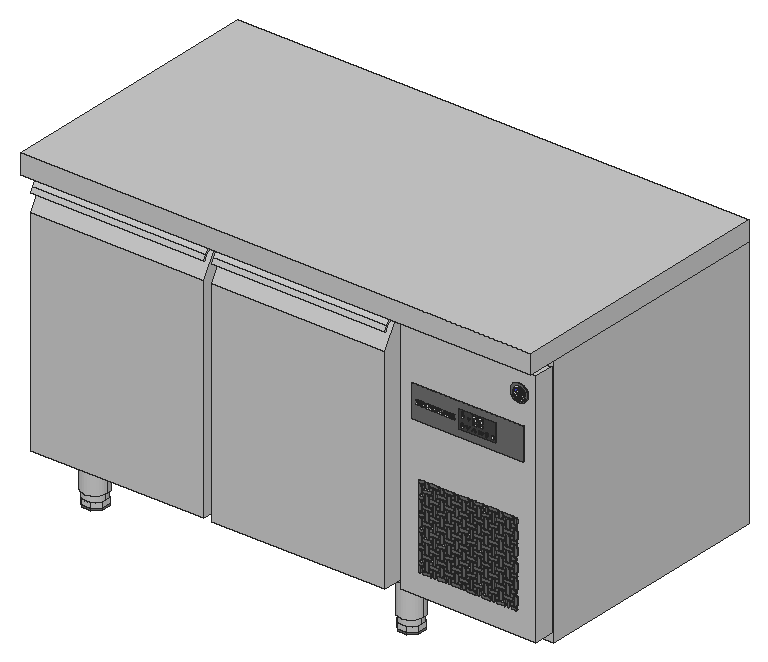
Revit family "QF_HOSHIZAKI_889000822", category Specialty Equipment, Revit 2016 (continued)
Definition of nested family "QF_HOSHIZAKI_889000822_230V_1Ph_50Hz"
  Definition of nested family "Control-panel"
    Forms (mm)
      Extrusion 1, solid
        sketch origin (-3653, 19.5, -135) x (-1, 0, 0) y (0, 0, 1)
          loop
            arc (-3941, 312.486) -> (-3944.5, 308.986) -> (-3941, 305.486) r 3.5
            line (-3941, 305.486) -> (-3923, 305.486)
            arc (-3923, 305.486) -> (-3919.5, 308.986) -> (-3923, 312.486) r 3.5
            line (-3923, 312.486) -> (-3941, 312.486)
          loop
            arc (-3903, 312.486) -> (-3906.5, 308.986) -> (-3903, 305.486) r 3.5
            line (-3903, 305.486) -> (-3885, 305.486)
            arc (-3885, 305.486) -> (-3881.5, 308.986) -> (-3885, 312.486) r 3.5
            line (-3885, 312.486) -> (-3903, 312.486)
          loop
            arc (-3865, 312.486) -> (-3868.5, 308.986) -> (-3865, 305.486) r 3.5
            line (-3865, 305.486) -> (-3847, 305.486)
            arc (-3847, 305.486) -> (-3843.5, 308.986) -> (-3847, 312.486) r 3.5
            line (-3847, 312.486) -> (-3865, 312.486)
          loop
            arc (-3827, 312.486) -> (-3830.5, 308.986) -> (-3827, 305.486) r 3.5
            line (-3827, 305.486) -> (-3809, 305.486)
            arc (-3809, 305.486) -> (-3805.5, 308.986) -> (-3809, 312.486) r 3.5
            line (-3809, 312.486) -> (-3827, 312.486)
          loop
            arc (-3789, 312.486) -> (-3792.5, 308.986) -> (-3789, 305.486) r 3.5
            line (-3789, 305.486) -> (-3771, 305.486)
            arc (-3771, 305.486) -> (-3767.5, 308.986) -> (-3771, 312.486) r 3.5
            line (-3771, 312.486) -> (-3789, 312.486)
          loop
            arc (-3751, 312.486) -> (-3754.5, 308.986) -> (-3751, 305.486) r 3.5
            line (-3751, 305.486) -> (-3733, 305.486)
            arc (-3733, 305.486) -> (-3729.5, 308.986) -> (-3733, 312.486) r 3.5
            line (-3733, 312.486) -> (-3751, 312.486)
          loop
            arc (-3713, 312.486) -> (-3716.5, 308.986) -> (-3713, 305.486) r 3.5
            line (-3713, 305.486) -> (-3704, 305.486)
            arc (-3704, 305.486) -> (-3700.5, 308.986) -> (-3704, 312.486) r 3.5
            line (-3704, 312.486) -> (-3713, 312.486)
          loop
            line (-3938.025, 302.996) -> (-3945.025, 302.996) -> (-3945.025, 295.996) -> (-3938.025, 295.996) -> (-3938.025, 302.996)
          loop
            line (-3919.025, 302.996) -> (-3926.025, 302.996) -> (-3926.025, 295.996) -> (-3919.025, 295.996) -> (-3919.025, 302.996)
          loop
            line (-3900.025, 302.996) -> (-3907.025, 302.996) -> (-3907.025, 295.996) -> (-3900.025, 295.996) -> (-3900.025, 302.996)
          loop
            line (-3881.025, 302.996) -> (-3888.025, 302.996) -> (-3888.025, 295.996) -> (-3881.025, 295.996) -> (-3881.025, 302.996)
          loop
            line (-3862.025, 302.996) -> (-3869.025, 302.996) -> (-3869.025, 295.996) -> (-3862.025, 295.996) -> (-3862.025, 302.996)
          loop
            line (-3843.025, 302.996) -> (-3850.025, 302.996) -> (-3850.025, 295.996) -> (-3843.025, 295.996) -> (-3843.025, 302.996)
          loop
            line (-3824.025, 302.996) -> (-3831.025, 302.996) -> (-3831.025, 295.996) -> (-3824.025, 295.996) -> (-3824.025, 302.996)
          loop
            line (-3805.025, 302.996) -> (-3812.025, 302.996) -> (-3812.025, 295.996) -> (-3805.025, 295.996) -> (-3805.025, 302.996)
          loop
            line (-3786.025, 302.996) -> (-3793.025, 302.996) -> (-3793.025, 295.996) -> (-3786.025, 295.996) -> (-3786.025, 302.996)
          loop
            line (-3767.025, 302.996) -> (-3774.025, 302.996) -> (-3774.025, 295.996) -> (-3767.025, 295.996) -> (-3767.025, 302.996)
          loop
            line (-3748.025, 302.996) -> (-3755.025, 302.996) -> (-3755.025, 295.996) -> (-3748.025, 295.996) -> (-3748.025, 302.996)
          loop
            line (-3729.025, 302.996) -> (-3736.025, 302.996) -> (-3736.025, 295.996) -> (-3729.025, 295.996) -> (-3729.025, 302.996)
          loop
            line (-3710.025, 302.996) -> (-3717.025, 302.996) -> (-3717.025, 295.996) -> (-3710.025, 295.996) -> (-3710.025, 302.996)
          loop
            line (-3935.5, 298.986) -> (-3935.5, 280.986)
            arc (-3935.5, 280.986) -> (-3932, 277.486) -> (-3928.5, 280.986) r 3.5
            line (-3928.5, 280.986) -> (-3928.5, 298.986)
            arc (-3928.5, 298.986) -> (-3932, 302.486) -> (-3935.5, 298.986) r 3.5
          loop
            line (-3897.5, 298.986) -> (-3897.5, 280.986)
            arc (-3897.5, 280.986) -> (-3894, 277.486) -> (-3890.5, 280.986) r 3.5
            line (-3890.5, 280.986) -> (-3890.5, 298.986)
            arc (-3890.5, 298.986) -> (-3894, 302.486) -> (-3897.5, 298.986) r 3.5
          loop
            line (-3859.5, 298.986) -> (-3859.5, 280.986)
            arc (-3859.5, 280.986) -> (-3856, 277.486) -> (-3852.5, 280.986) r 3.5
            line (-3852.5, 280.986) -> (-3852.5, 298.986)
            arc (-3852.5, 298.986) -> (-3856, 302.486) -> (-3859.5, 298.986) r 3.5
          loop
            line (-3821.5, 298.986) -> (-3821.5, 280.986)
            arc (-3821.5, 280.986) -> (-3818, 277.486) -> (-3814.5, 280.986) r 3.5
            line (-3814.5, 280.986) -> (-3814.5, 298.986)
            arc (-3814.5, 298.986) -> (-3818, 302.486) -> (-3821.5, 298.986) r 3.5
          loop
            line (-3783.5, 298.986) -> (-3783.5, 280.986)
            arc (-3783.5, 280.986) -> (-3780, 277.486) -> (-3776.5, 280.986) r 3.5
            line (-3776.5, 280.986) -> (-3776.5, 298.986)
            arc (-3776.5, 298.986) -> (-3780, 302.486) -> (-3783.5, 298.986) r 3.5
          loop
            line (-3745.5, 298.986) -> (-3745.5, 280.986)
            arc (-3745.5, 280.986) -> (-3742, 277.486) -> (-3738.5, 280.986) r 3.5
            line (-3738.5, 280.986) -> (-3738.5, 298.986)
            arc (-3738.5, 298.986) -> (-3742, 302.486) -> (-3745.5, 298.986) r 3.5
          loop
            line (-3707.5, 298.986) -> (-3707.5, 280.986)
            arc (-3707.5, 280.986) -> (-3704, 277.486) -> (-3700.5, 280.986) r 3.5
            line (-3700.5, 280.986) -> (-3700.5, 298.986)
            arc (-3700.5, 298.986) -> (-3704, 302.486) -> (-3707.5, 298.986) r 3.5
          loop
            arc (-3922, 293.486) -> (-3925.5, 289.986) -> (-3922, 286.486) r 3.5
            line (-3922, 286.486) -> (-3904, 286.486)
            arc (-3904, 286.486) -> (-3900.5, 289.986) -> (-3904, 293.486) r 3.5
            line (-3904, 293.486) -> (-3922, 293.486)
          loop
            arc (-3884, 293.486) -> (-3887.5, 289.986) -> (-3884, 286.486) r 3.5
            line (-3884, 286.486) -> (-3866, 286.486)
            arc (-3866, 286.486) -> (-3862.5, 289.986) -> (-3866, 293.486) r 3.5
            line (-3866, 293.486) -> (-3884, 293.486)
          loop
            arc (-3846, 293.486) -> (-3849.5, 289.986) -> (-3846, 286.486) r 3.5
            line (-3846, 286.486) -> (-3828, 286.486)
            arc (-3828, 286.486) -> (-3824.5, 289.986) -> (-3828, 293.486) r 3.5
            line (-3828, 293.486) -> (-3846, 293.486)
          loop
            arc (-3808, 293.486) -> (-3811.5, 289.986) -> (-3808, 286.486) r 3.5
            line (-3808, 286.486) -> (-3790, 286.486)
            arc (-3790, 286.486) -> (-3786.5, 289.986) -> (-3790, 293.486) r 3.5
            line (-3790, 293.486) -> (-3808, 293.486)
          loop
            arc (-3770, 293.486) -> (-3773.5, 289.986) -> (-3770, 286.486) r 3.5
            line (-3770, 286.486) -> (-3752, 286.486)
            arc (-3752, 286.486) -> (-3748.5, 289.986) -> (-3752, 293.486) r 3.5
            line (-3752, 293.486) -> (-3770, 293.486)
          loop
            arc (-3732, 293.486) -> (-3735.5, 289.986) -> (-3732, 286.486) r 3.5
            line (-3732, 286.486) -> (-3714, 286.486)
            arc (-3714, 286.486) -> (-3710.5, 289.986) -> (-3714, 293.486) r 3.5
            line (-3714, 293.486) -> (-3732, 293.486)
          loop
            line (-3938.025, 276.976) -> (-3938.025, 283.976) -> (-3945.025, 283.976) -> (-3945.025, 276.976) -> (-3938.025, 276.976)
          loop
            line (-3919.025, 276.976) -> (-3919.025, 283.976) -> (-3926.025, 283.976) -> (-3926.025, 276.976) -> (-3919.025, 276.976)
          loop
            line (-3900.025, 276.976) -> (-3900.025, 283.976) -> (-3907.025, 283.976) -> (-3907.025, 276.976) -> (-3900.025, 276.976)
          loop
            line (-3881.025, 276.976) -> (-3881.025, 283.976) -> (-3888.025, 283.976) -> (-3888.025, 276.976) -> (-3881.025, 276.976)
          loop
            line (-3862.025, 276.976) -> (-3862.025, 283.976) -> (-3869.025, 283.976) -> (-3869.025, 276.976) -> (-3862.025, 276.976)
          loop
            line (-3843.025, 276.976) -> (-3843.025, 283.976) -> (-3850.025, 283.976) -> (-3850.025, 276.976) -> (-3843.025, 276.976)
          loop
            line (-3824.025, 276.976) -> (-3824.025, 283.976) -> (-3831.025, 283.976) -> (-3831.025, 276.976) -> (-3824.025, 276.976)
          loop
            line (-3805.025, 276.976) -> (-3805.025, 283.976) -> (-3812.025, 283.976) -> (-3812.025, 276.976) -> (-3805.025, 276.976)
          loop
            line (-3786.025, 276.976) -> (-3786.025, 283.976) -> (-3793.025, 283.976) -> (-3793.025, 276.976) -> (-3786.025, 276.976)
          loop
            line (-3767.025, 276.976) -> (-3767.025, 283.976) -> (-3774.025, 283.976) -> (-3774.025, 276.976) -> (-3767.025, 276.976)
          loop
            line (-3748.025, 276.976) -> (-3748.025, 283.976) -> (-3755.025, 283.976) -> (-3755.025, 276.976) -> (-3748.025, 276.976)
          loop
            line (-3729.025, 276.976) -> (-3729.025, 283.976) -> (-3736.025, 283.976) -> (-3736.025, 276.976) -> (-3729.025, 276.976)
          loop
            line (-3710.025, 276.976) -> (-3710.025, 283.976) -> (-3717.025, 283.976) -> (-3717.025, 276.976) -> (-3710.025, 276.976)
          loop
            arc (-3719.5, 279.986) -> (-3723, 283.486) -> (-3726.5, 279.986) r 3.5
            line (-3726.5, 279.986) -> (-3726.5, 261.986)
            arc (-3726.5, 261.986) -> (-3723, 258.486) -> (-3719.5, 261.986) r 3.5
            line (-3719.5, 261.986) -> (-3719.5, 279.986)
          loop
            arc (-3757.5, 279.986) -> (-3761, 283.486) -> (-3764.5, 279.986) r 3.5
            line (-3764.5, 279.986) -> (-3764.5, 261.986)
            arc (-3764.5, 261.986) -> (-3761, 258.486) -> (-3757.5, 261.986) r 3.5
            line (-3757.5, 261.986) -> (-3757.5, 279.986)
          loop
            arc (-3795.5, 279.986) -> (-3799, 283.486) -> (-3802.5, 279.986) r 3.5
            line (-3802.5, 279.986) -> (-3802.5, 261.986)
            arc (-3802.5, 261.986) -> (-3799, 258.486) -> (-3795.5, 261.986) r 3.5
            line (-3795.5, 261.986) -> (-3795.5, 279.986)
          loop
            arc (-3833.5, 279.986) -> (-3837, 283.486) -> (-3840.5, 279.986) r 3.5
            line (-3840.5, 279.986) -> (-3840.5, 261.986)
            arc (-3840.5, 261.986) -> (-3837, 258.486) -> (-3833.5, 261.986) r 3.5
            line (-3833.5, 261.986) -> (-3833.5, 279.986)
          loop
            arc (-3871.5, 279.986) -> (-3875, 283.486) -> (-3878.5, 279.986) r 3.5
            line (-3878.5, 279.986) -> (-3878.5, 261.986)
            arc (-3878.5, 261.986) -> (-3875, 258.486) -> (-3871.5, 261.986) r 3.5
            line (-3871.5, 261.986) -> (-3871.5, 279.986)
          loop
            arc (-3909.5, 279.986) -> (-3913, 283.486) -> (-3916.5, 279.986) r 3.5
            line (-3916.5, 279.986) -> (-3916.5, 261.986)
            arc (-3916.5, 261.986) -> (-3913, 258.486) -> (-3909.5, 261.986) r 3.5
            line (-3909.5, 261.986) -> (-3909.5, 279.986)
          loop
            arc (-3951, 292.986) -> (-3954, 289.986) -> (-3951, 286.986) r 3
            line (-3951, 286.986) -> (-3942, 286.986)
            arc (-3942, 286.986) -> (-3939, 289.986) -> (-3942, 292.986) r 3
            line (-3942, 292.986) -> (-3951, 292.986)
          loop
            arc (-3947.5, 279.986) -> (-3951, 283.486) -> (-3954.5, 279.986) r 3.5
            line (-3954.5, 279.986) -> (-3954.5, 261.986)
            arc (-3954.5, 261.986) -> (-3951, 258.486) -> (-3947.5, 261.986) r 3.5
            line (-3947.5, 261.986) -> (-3947.5, 279.986)
          loop
            arc (-3941, 274.486) -> (-3944.5, 270.986) -> (-3941, 267.486) r 3.5
            line (-3941, 267.486) -> (-3923, 267.486)
            arc (-3923, 267.486) -> (-3919.5, 270.986) -> (-3923, 274.486) r 3.5
            line (-3923, 274.486) -> (-3941, 274.486)
          loop
            arc (-3903, 274.486) -> (-3906.5, 270.986) -> (-3903, 267.486) r 3.5
            line (-3903, 267.486) -> (-3885, 267.486)
            arc (-3885, 267.486) -> (-3881.5, 270.986) -> (-3885, 274.486) r 3.5
            line (-3885, 274.486) -> (-3903, 274.486)
          loop
            arc (-3865, 274.486) -> (-3868.5, 270.986) -> (-3865, 267.486) r 3.5
            line (-3865, 267.486) -> (-3847, 267.486)
            arc (-3847, 267.486) -> (-3843.5, 270.986) -> (-3847, 274.486) r 3.5
            line (-3847, 274.486) -> (-3865, 274.486)
          loop
            arc (-3827, 274.486) -> (-3830.5, 270.986) -> (-3827, 267.486) r 3.5
            line (-3827, 267.486) -> (-3809, 267.486)
            arc (-3809, 267.486) -> (-3805.5, 270.986) -> (-3809, 274.486) r 3.5
            line (-3809, 274.486) -> (-3827, 274.486)
          loop
            arc (-3789, 274.486) -> (-3792.5, 270.986) -> (-3789, 267.486) r 3.5
            line (-3789, 267.486) -> (-3771, 267.486)
            arc (-3771, 267.486) -> (-3767.5, 270.986) -> (-3771, 274.486) r 3.5
            line (-3771, 274.486) -> (-3789, 274.486)
          loop
            arc (-3751, 274.486) -> (-3754.5, 270.986) -> (-3751, 267.486) r 3.5
            line (-3751, 267.486) -> (-3733, 267.486)
            arc (-3733, 267.486) -> (-3729.5, 270.986) -> (-3733, 274.486) r 3.5
            line (-3733, 274.486) -> (-3751, 274.486)
          loop
            arc (-3713, 274.486) -> (-3716.5, 270.986) -> (-3713, 267.486) r 3.5
            line (-3713, 267.486) -> (-3704, 267.486)
            arc (-3704, 267.486) -> (-3700.5, 270.986) -> (-3704, 274.486) r 3.5
            line (-3704, 274.486) -> (-3713, 274.486)
          loop
            line (-3938.025, 264.996) -> (-3945.025, 264.996) -> (-3945.025, 257.996) -> (-3938.025, 257.996) -> (-3938.025, 264.996)
          loop
            line (-3919.025, 264.996) -> (-3926.025, 264.996) -> (-3926.025, 257.996) -> (-3919.025, 257.996) -> (-3919.025, 264.996)
          loop
            line (-3900.025, 264.996) -> (-3907.025, 264.996) -> (-3907.025, 257.996) -> (-3900.025, 257.996) -> (-3900.025, 264.996)
          loop
            line (-3881.025, 264.996) -> (-3888.025, 264.996) -> (-3888.025, 257.996) -> (-3881.025, 257.996) -> (-3881.025, 264.996)
          loop
            line (-3862.025, 264.996) -> (-3869.025, 264.996) -> (-3869.025, 257.996) -> (-3862.025, 257.996) -> (-3862.025, 264.996)
          loop
            line (-3843.025, 264.996) -> (-3850.025, 264.996) -> (-3850.025, 257.996) -> (-3843.025, 257.996) -> (-3843.025, 264.996)
          loop
            line (-3824.025, 264.996) -> (-3831.025, 264.996) -> (-3831.025, 257.996) -> (-3824.025, 257.996) -> (-3824.025, 264.996)
          loop
            line (-3805.025, 264.996) -> (-3812.025, 264.996) -> (-3812.025, 257.996) -> (-3805.025, 257.996) -> (-3805.025, 264.996)
          loop
            line (-3786.025, 264.996) -> (-3793.025, 264.996) -> (-3793.025, 257.996) -> (-3786.025, 257.996) -> (-3786.025, 264.996)
          loop
            line (-3767.025, 264.996) -> (-3774.025, 264.996) -> (-3774.025, 257.996) -> (-3767.025, 257.996) -> (-3767.025, 264.996)
          loop
            line (-3748.025, 264.996) -> (-3755.025, 264.996) -> (-3755.025, 257.996) -> (-3748.025, 257.996) -> (-3748.025, 264.996)
          loop
            line (-3729.025, 264.996) -> (-3736.025, 264.996) -> (-3736.025, 257.996) -> (-3729.025, 257.996) -> (-3729.025, 264.996)
          loop
            line (-3710.025, 264.996) -> (-3717.025, 264.996) -> (-3717.025, 257.996) -> (-3710.025, 257.996) -> (-3710.025, 264.996)
          loop
            line (-3935.5, 260.986) -> (-3935.5, 242.986)
            arc (-3935.5, 242.986) -> (-3932, 239.486) -> (-3928.5, 242.986) r 3.5
            line (-3928.5, 242.986) -> (-3928.5, 260.986)
            arc (-3928.5, 260.986) -> (-3932, 264.486) -> (-3935.5, 260.986) r 3.5
          loop
            line (-3897.5, 260.986) -> (-3897.5, 242.986)
            arc (-3897.5, 242.986) -> (-3894, 239.486) -> (-3890.5, 242.986) r 3.5
            line (-3890.5, 242.986) -> (-3890.5, 260.986)
            arc (-3890.5, 260.986) -> (-3894, 264.486) -> (-3897.5, 260.986) r 3.5
          loop
            line (-3859.5, 260.986) -> (-3859.5, 242.986)
            arc (-3859.5, 242.986) -> (-3856, 239.486) -> (-3852.5, 242.986) r 3.5
            line (-3852.5, 242.986) -> (-3852.5, 260.986)
            arc (-3852.5, 260.986) -> (-3856, 264.486) -> (-3859.5, 260.986) r 3.5
          loop
            line (-3821.5, 260.986) -> (-3821.5, 242.986)
            arc (-3821.5, 242.986) -> (-3818, 239.486) -> (-3814.5, 242.986) r 3.5
            line (-3814.5, 242.986) -> (-3814.5, 260.986)
            arc (-3814.5, 260.986) -> (-3818, 264.486) -> (-3821.5, 260.986) r 3.5
          loop
            line (-3783.5, 260.986) -> (-3783.5, 242.986)
            arc (-3783.5, 242.986) -> (-3780, 239.486) -> (-3776.5, 242.986) r 3.5
            line (-3776.5, 242.986) -> (-3776.5, 260.986)
            arc (-3776.5, 260.986) -> (-3780, 264.486) -> (-3783.5, 260.986) r 3.5
          loop
            line (-3745.5, 260.986) -> (-3745.5, 242.986)
            arc (-3745.5, 242.986) -> (-3742, 239.486) -> (-3738.5, 242.986) r 3.5
            line (-3738.5, 242.986) -> (-3738.5, 260.986)
            arc (-3738.5, 260.986) -> (-3742, 264.486) -> (-3745.5, 260.986) r 3.5
          loop
            line (-3707.5, 260.986) -> (-3707.5, 242.986)
            arc (-3707.5, 242.986) -> (-3704, 239.486) -> (-3700.5, 242.986) r 3.5
            line (-3700.5, 242.986) -> (-3700.5, 260.986)
            arc (-3700.5, 260.986) -> (-3704, 264.486) -> (-3707.5, 260.986) r 3.5
          loop
            arc (-3922, 255.486) -> (-3925.5, 251.986) -> (-3922, 248.486) r 3.5
            line (-3922, 248.486) -> (-3904, 248.486)
            arc (-3904, 248.486) -> (-3900.5, 251.986) -> (-3904, 255.486) r 3.5
            line (-3904, 255.486) -> (-3922, 255.486)
          loop
            arc (-3884, 255.486) -> (-3887.5, 251.986) -> (-3884, 248.486) r 3.5
            line (-3884, 248.486) -> (-3866, 248.486)
            arc (-3866, 248.486) -> (-3862.5, 251.986) -> (-3866, 255.486) r 3.5
            line (-3866, 255.486) -> (-3884, 255.486)
          loop
            arc (-3846, 255.486) -> (-3849.5, 251.986) -> (-3846, 248.486) r 3.5
            line (-3846, 248.486) -> (-3828, 248.486)
            arc (-3828, 248.486) -> (-3824.5, 251.986) -> (-3828, 255.486) r 3.5
            line (-3828, 255.486) -> (-3846, 255.486)
          loop
            arc (-3808, 255.486) -> (-3811.5, 251.986) -> (-3808, 248.486) r 3.5
            line (-3808, 248.486) -> (-3790, 248.486)
            arc (-3790, 248.486) -> (-3786.5, 251.986) -> (-3790, 255.486) r 3.5
            line (-3790, 255.486) -> (-3808, 255.486)
          loop
            arc (-3770, 255.486) -> (-3773.5, 251.986) -> (-3770, 248.486) r 3.5
            line (-3770, 248.486) -> (-3752, 248.486)
            arc (-3752, 248.486) -> (-3748.5, 251.986) -> (-3752, 255.486) r 3.5
            line (-3752, 255.486) -> (-3770, 255.486)
          loop
            arc (-3732, 255.486) -> (-3735.5, 251.986) -> (-3732, 248.486) r 3.5
            line (-3732, 248.486) -> (-3714, 248.486)
            arc (-3714, 248.486) -> (-3710.5, 251.986) -> (-3714, 255.486) r 3.5
            line (-3714, 255.486) -> (-3732, 255.486)
          loop
            line (-3938.025, 238.976) -> (-3938.025, 245.976) -> (-3945.025, 245.976) -> (-3945.025, 238.976) -> (-3938.025, 238.976)
          loop
            line (-3919.025, 238.976) -> (-3919.025, 245.976) -> (-3926.025, 245.976) -> (-3926.025, 238.976) -> (-3919.025, 238.976)
          loop
            line (-3900.025, 238.976) -> (-3900.025, 245.976) -> (-3907.025, 245.976) -> (-3907.025, 238.976) -> (-3900.025, 238.976)
          loop
            line (-3881.025, 238.976) -> (-3881.025, 245.976) -> (-3888.025, 245.976) -> (-3888.025, 238.976) -> (-3881.025, 238.976)
          loop
            line (-3862.025, 238.976) -> (-3862.025, 245.976) -> (-3869.025, 245.976) -> (-3869.025, 238.976) -> (-3862.025, 238.976)
          loop
            line (-3843.025, 238.976) -> (-3843.025, 245.976) -> (-3850.025, 245.976) -> (-3850.025, 238.976) -> (-3843.025, 238.976)
          loop
            line (-3824.025, 238.976) -> (-3824.025, 245.976) -> (-3831.025, 245.976) -> (-3831.025, 238.976) -> (-3824.025, 238.976)
          loop
            line (-3805.025, 238.976) -> (-3805.025, 245.976) -> (-3812.025, 245.976) -> (-3812.025, 238.976) -> (-3805.025, 238.976)
          loop
            line (-3786.025, 238.976) -> (-3786.025, 245.976) -> (-3793.025, 245.976) -> (-3793.025, 238.976) -> (-3786.025, 238.976)
          loop
            line (-3767.025, 238.976) -> (-3767.025, 245.976) -> (-3774.025, 245.976) -> (-3774.025, 238.976) -> (-3767.025, 238.976)
          loop
            line (-3748.025, 238.976) -> (-3748.025, 245.976) -> (-3755.025, 245.976) -> (-3755.025, 238.976) -> (-3748.025, 238.976)
          loop
            line (-3729.025, 238.976) -> (-3729.025, 245.976) -> (-3736.025, 245.976) -> (-3736.025, 238.976) -> (-3729.025, 238.976)
          loop
            line (-3710.025, 238.976) -> (-3710.025, 245.976) -> (-3717.025, 245.976) -> (-3717.025, 238.976) -> (-3710.025, 238.976)
          loop
            arc (-3719.5, 241.986) -> (-3723, 245.486) -> (-3726.5, 241.986) r 3.5
            line (-3726.5, 241.986) -> (-3726.5, 223.986)
            arc (-3726.5, 223.986) -> (-3723, 220.486) -> (-3719.5, 223.986) r 3.5
            line (-3719.5, 223.986) -> (-3719.5, 241.986)
          loop
            arc (-3757.5, 241.986) -> (-3761, 245.486) -> (-3764.5, 241.986) r 3.5
            line (-3764.5, 241.986) -> (-3764.5, 223.986)
            arc (-3764.5, 223.986) -> (-3761, 220.486) -> (-3757.5, 223.986) r 3.5
            line (-3757.5, 223.986) -> (-3757.5, 241.986)
          loop
            arc (-3795.5, 241.986) -> (-3799, 245.486) -> (-3802.5, 241.986) r 3.5
            line (-3802.5, 241.986) -> (-3802.5, 223.986)
            arc (-3802.5, 223.986) -> (-3799, 220.486) -> (-3795.5, 223.986) r 3.5
            line (-3795.5, 223.986) -> (-3795.5, 241.986)
          loop
            arc (-3833.5, 241.986) -> (-3837, 245.486) -> (-3840.5, 241.986) r 3.5
            line (-3840.5, 241.986) -> (-3840.5, 223.986)
            arc (-3840.5, 223.986) -> (-3837, 220.486) -> (-3833.5, 223.986) r 3.5
            line (-3833.5, 223.986) -> (-3833.5, 241.986)
          loop
            arc (-3871.5, 241.986) -> (-3875, 245.486) -> (-3878.5, 241.986) r 3.5
            line (-3878.5, 241.986) -> (-3878.5, 223.986)
            arc (-3878.5, 223.986) -> (-3875, 220.486) -> (-3871.5, 223.986) r 3.5
            line (-3871.5, 223.986) -> (-3871.5, 241.986)
          loop
            arc (-3909.5, 241.986) -> (-3913, 245.486) -> (-3916.5, 241.986) r 3.5
            line (-3916.5, 241.986) -> (-3916.5, 223.986)
            arc (-3916.5, 223.986) -> (-3913, 220.486) -> (-3909.5, 223.986) r 3.5
            line (-3909.5, 223.986) -> (-3909.5, 241.986)
          loop
            arc (-3951, 254.986) -> (-3954, 251.986) -> (-3951, 248.986) r 3
            line (-3951, 248.986) -> (-3942, 248.986)
            arc (-3942, 248.986) -> (-3939, 251.986) -> (-3942, 254.986) r 3
            line (-3942, 254.986) -> (-3951, 254.986)
          loop
            arc (-3947.5, 241.986) -> (-3951, 245.486) -> (-3954.5, 241.986) r 3.5
            line (-3954.5, 241.986) -> (-3954.5, 223.986)
            arc (-3954.5, 223.986) -> (-3951, 220.486) -> (-3947.5, 223.986) r 3.5
            line (-3947.5, 223.986) -> (-3947.5, 241.986)
          loop
            arc (-3941, 236.486) -> (-3944.5, 232.986) -> (-3941, 229.486) r 3.5
            line (-3941, 229.486) -> (-3923, 229.486)
            arc (-3923, 229.486) -> (-3919.5, 232.986) -> (-3923, 236.486) r 3.5
            line (-3923, 236.486) -> (-3941, 236.486)
          loop
            arc (-3903, 236.486) -> (-3906.5, 232.986) -> (-3903, 229.486) r 3.5
            line (-3903, 229.486) -> (-3885, 229.486)
            arc (-3885, 229.486) -> (-3881.5, 232.986) -> (-3885, 236.486) r 3.5
            line (-3885, 236.486) -> (-3903, 236.486)
          loop
            arc (-3865, 236.486) -> (-3868.5, 232.986) -> (-3865, 229.486) r 3.5
            line (-3865, 229.486) -> (-3847, 229.486)
            arc (-3847, 229.486) -> (-3843.5, 232.986) -> (-3847, 236.486) r 3.5
            line (-3847, 236.486) -> (-3865, 236.486)
          loop
            arc (-3827, 236.486) -> (-3830.5, 232.986) -> (-3827, 229.486) r 3.5
            line (-3827, 229.486) -> (-3809, 229.486)
            arc (-3809, 229.486) -> (-3805.5, 232.986) -> (-3809, 236.486) r 3.5
            line (-3809, 236.486) -> (-3827, 236.486)
          loop
            arc (-3789, 236.486) -> (-3792.5, 232.986) -> (-3789, 229.486) r 3.5
            line (-3789, 229.486) -> (-3771, 229.486)
            arc (-3771, 229.486) -> (-3767.5, 232.986) -> (-3771, 236.486) r 3.5
            line (-3771, 236.486) -> (-3789, 236.486)
          loop
            arc (-3751, 236.486) -> (-3754.5, 232.986) -> (-3751, 229.486) r 3.5
            line (-3751, 229.486) -> (-3733, 229.486)
            arc (-3733, 229.486) -> (-3729.5, 232.986) -> (-3733, 236.486) r 3.5
            line (-3733, 236.486) -> (-3751, 236.486)
          loop
            arc (-3713, 236.486) -> (-3716.5, 232.986) -> (-3713, 229.486) r 3.5
            line (-3713, 229.486) -> (-3704, 229.486)
            arc (-3704, 229.486) -> (-3700.5, 232.986) -> (-3704, 236.486) r 3.5
            line (-3704, 236.486) -> (-3713, 236.486)
          loop
            line (-3938.025, 226.996) -> (-3945.025, 226.996) -> (-3945.025, 219.996) -> (-3938.025, 219.996) -> (-3938.025, 226.996)
          loop
            line (-3919.025, 226.996) -> (-3926.025, 226.996) -> (-3926.025, 219.996) -> (-3919.025, 219.996) -> (-3919.025, 226.996)
          loop
            line (-3900.025, 226.996) -> (-3907.025, 226.996) -> (-3907.025, 219.996) -> (-3900.025, 219.996) -> (-3900.025, 226.996)
          loop
            line (-3881.025, 226.996) -> (-3888.025, 226.996) -> (-3888.025, 219.996) -> (-3881.025, 219.996) -> (-3881.025, 226.996)
          loop
            line (-3862.025, 226.996) -> (-3869.025, 226.996) -> (-3869.025, 219.996) -> (-3862.025, 219.996) -> (-3862.025, 226.996)
          loop
            line (-3843.025, 226.996) -> (-3850.025, 226.996) -> (-3850.025, 219.996) -> (-3843.025, 219.996) -> (-3843.025, 226.996)
          loop
            line (-3824.025, 226.996) -> (-3831.025, 226.996) -> (-3831.025, 219.996) -> (-3824.025, 219.996) -> (-3824.025, 226.996)
          loop
            line (-3805.025, 226.996) -> (-3812.025, 226.996) -> (-3812.025, 219.996) -> (-3805.025, 219.996) -> (-3805.025, 226.996)
          loop
            line (-3786.025, 226.996) -> (-3793.025, 226.996) -> (-3793.025, 219.996) -> (-3786.025, 219.996) -> (-3786.025, 226.996)
          loop
            line (-3767.025, 226.996) -> (-3774.025, 226.996) -> (-3774.025, 219.996) -> (-3767.025, 219.996) -> (-3767.025, 226.996)
          loop
            line (-3748.025, 226.996) -> (-3755.025, 226.996) -> (-3755.025, 219.996) -> (-3748.025, 219.996) -> (-3748.025, 226.996)
          loop
            line (-3729.025, 226.996) -> (-3736.025, 226.996) -> (-3736.025, 219.996) -> (-3729.025, 219.996) -> (-3729.025, 226.996)
          loop
            line (-3710.025, 226.996) -> (-3717.025, 226.996) -> (-3717.025, 219.996) -> (-3710.025, 219.996) -> (-3710.025, 226.996)
          loop
            arc (-3922, 217.486) -> (-3925.5, 213.986) -> (-3922, 210.486) r 3.5
            line (-3922, 210.486) -> (-3904, 210.486)
            arc (-3904, 210.486) -> (-3900.5, 213.986) -> (-3904, 217.486) r 3.5
            line (-3904, 217.486) -> (-3922, 217.486)
          loop
            arc (-3884, 217.486) -> (-3887.5, 213.986) -> (-3884, 210.486) r 3.5
            line (-3884, 210.486) -> (-3866, 210.486)
            arc (-3866, 210.486) -> (-3862.5, 213.986) -> (-3866, 217.486) r 3.5
            line (-3866, 217.486) -> (-3884, 217.486)
          loop
            arc (-3846, 217.486) -> (-3849.5, 213.986) -> (-3846, 210.486) r 3.5
            line (-3846, 210.486) -> (-3828, 210.486)
            arc (-3828, 210.486) -> (-3824.5, 213.986) -> (-3828, 217.486) r 3.5
            line (-3828, 217.486) -> (-3846, 217.486)
          loop
            arc (-3808, 217.486) -> (-3811.5, 213.986) -> (-3808, 210.486) r 3.5
            line (-3808, 210.486) -> (-3790, 210.486)
            arc (-3790, 210.486) -> (-3786.5, 213.986) -> (-3790, 217.486) r 3.5
            line (-3790, 217.486) -> (-3808, 217.486)
          loop
            arc (-3770, 217.486) -> (-3773.5, 213.986) -> (-3770, 210.486) r 3.5
            line (-3770, 210.486) -> (-3752, 210.486)
            arc (-3752, 210.486) -> (-3748.5, 213.986) -> (-3752, 217.486) r 3.5
            line (-3752, 217.486) -> (-3770, 217.486)
          loop
            arc (-3732, 217.486) -> (-3735.5, 213.986) -> (-3732, 210.486) r 3.5
            line (-3732, 210.486) -> (-3714, 210.486)
            arc (-3714, 210.486) -> (-3710.5, 213.986) -> (-3714, 217.486) r 3.5
            line (-3714, 217.486) -> (-3732, 217.486)
          loop
            arc (-3951, 216.986) -> (-3954, 213.986) -> (-3951, 210.986) r 3
            line (-3951, 210.986) -> (-3942, 210.986)
            arc (-3942, 210.986) -> (-3939, 213.986) -> (-3942, 216.986) r 3
            line (-3942, 216.986) -> (-3951, 216.986)
          loop
            arc (-3701, 223.486) -> (-3704, 226.486) -> (-3707, 223.486) r 3
            line (-3707, 223.486) -> (-3707, 214.486)
            arc (-3707, 214.486) -> (-3704, 211.486) -> (-3701, 214.486) r 3
            line (-3701, 214.486) -> (-3701, 223.486)
          loop
            arc (-3739, 223.486) -> (-3742, 226.486) -> (-3745, 223.486) r 3
            line (-3745, 223.486) -> (-3745, 214.486)
            arc (-3745, 214.486) -> (-3742, 211.486) -> (-3739, 214.486) r 3
            line (-3739, 214.486) -> (-3739, 223.486)
          loop
            arc (-3777, 223.486) -> (-3780, 226.486) -> (-3783, 223.486) r 3
            line (-3783, 223.486) -> (-3783, 214.486)
            arc (-3783, 214.486) -> (-3780, 211.486) -> (-3777, 214.486) r 3
            line (-3777, 214.486) -> (-3777, 223.486)
          loop
            arc (-3815, 223.486) -> (-3818, 226.486) -> (-3821, 223.486) r 3
            line (-3821, 223.486) -> (-3821, 214.486)
            arc (-3821, 214.486) -> (-3818, 211.486) -> (-3815, 214.486) r 3
            line (-3815, 214.486) -> (-3815, 223.486)
          loop
            arc (-3853, 223.486) -> (-3856, 226.486) -> (-3859, 223.486) r 3
            line (-3859, 223.486) -> (-3859, 214.486)
            arc (-3859, 214.486) -> (-3856, 211.486) -> (-3853, 214.486) r 3
            line (-3853, 214.486) -> (-3853, 223.486)
          loop
            arc (-3891, 223.486) -> (-3894, 226.486) -> (-3897, 223.486) r 3
            line (-3897, 223.486) -> (-3897, 214.486)
            arc (-3897, 214.486) -> (-3894, 211.486) -> (-3891, 214.486) r 3
            line (-3891, 214.486) -> (-3891, 223.486)
          loop
            arc (-3929, 223.486) -> (-3932, 226.486) -> (-3935, 223.486) r 3
            line (-3935, 223.486) -> (-3935, 214.486)
            arc (-3935, 214.486) -> (-3932, 211.486) -> (-3929, 214.486) r 3
            line (-3929, 214.486) -> (-3929, 223.486)
        from 5.5 to 7.5
      Extrusion 2, solid
        sketch origin (-1812, 19.5, -302.5) x (-1, 0, 0) y (0, 0, 1)
          loop
            line (-2131, 808) -> (-2131, 731)
            arc (-2131, 731) -> (-2130.121, 728.879) -> (-2128, 728) r 3
            line (-2128, 728) -> (-1845, 728)
            arc (-1845, 728) -> (-1842.879, 728.879) -> (-1842, 731) r 3
            line (-1842, 731) -> (-1842, 808)
            arc (-1842, 808) -> (-1842.879, 810.121) -> (-1845, 811) r 3
            line (-1845, 811) -> (-2128, 811)
            arc (-2128, 811) -> (-2130.121, 810.121) -> (-2131, 808) r 3
        from 5.5 to 7.5
      Extrusion 3, solid
        sketch origin (-1721.829, 19.5, -302.5) x (-1, 0, 0) y (0, 0, 1)
          loop
            line (-1873, 793) -> (-1968.159, 793) -> (-1968.159, 746) -> (-1873, 746) -> (-1873, 793)
        from 5 to 7.5
      Extrusion 4, solid, visible <- "Show Logo"
        sketch origin (-1807, 19.5, -188.5) x (-1, 0, 0) y (0, 0, 1)
          loop
            circle (-2113.5, 769.5) r 13.99
        from 4.5 to 6
      Extrusion 5, solid, visible <- "Show Logo"
        sketch origin (-1807, 19.5, -188.5) x (-1, 0, 0) y (0, 0, 1)
          loop
            circle (-2113.5, 769.5) r 15
          loop
            line (-2126.5, 769.5) -> (-2120.846, 773.459) -> (-2118.907, 773.459) -> (-2118.036, 763.497) -> (-2119.632, 763.497) -> (-2117.808, 760.891) -> (-2122.091, 759.743)
            arc (-2122.091, 759.743) -> (-2112.99, 756.51) -> (-2104.171, 760.446) r 13
            line (-2104.171, 760.446) -> (-2111.913, 760.446) -> (-2113.024, 758.523) -> (-2117.6, 758.523) -> (-2113.951, 764.843) -> (-2112.168, 762.297) -> (-2110.969, 763.497) -> (-2112.161, 767.945) -> (-2112.983, 771.014) -> (-2114.045, 774.979) -> (-2115.629, 777.241) -> (-2111.344, 777.241) -> (-2110.01, 772.26) -> (-2108.361, 772.26) -> (-2107.029, 770.928) -> (-2104.038, 769.201) -> (-2103.03, 765.437) -> (-2100.604, 767.863)
            arc (-2100.604, 767.863) -> (-2112.68, 782.474) -> (-2126.5, 769.5) r 13
          loop
            arc (-2125.531, 764.467) -> (-2124.506, 762.602) -> (-2123.241, 760.891) r 15.828
            line (-2123.241, 760.891) -> (-2121.071, 768.926) -> (-2125.531, 764.467)
          loop
            line (-2109.801, 769.877) -> (-2109.801, 764.664) -> (-2108.483, 768.285) -> (-2106.744, 769.399) -> (-2109.801, 769.877)
          loop
            line (-2108.558, 762.979) -> (-2105.47, 762.035) -> (-2104.504, 761.224) -> (-2103.812, 761.916) -> (-2105.089, 763.908) -> (-2108.558, 762.979)
          loop
            line (-2110.775, 779.307) -> (-2108.457, 780.388) -> (-2110.775, 781.009) -> (-2110.775, 779.307)
          loop
            line (-2113.024, 781.662) -> (-2115.087, 781.11) -> (-2114.199, 779.205) -> (-2112.584, 779.638) -> (-2113.79, 780.335) -> (-2113.024, 781.662)
          loop
            line (-2113.762, 753.783) -> (-2114.844, 752.701) -> (-2116.385, 752.701) -> (-2115.329, 751.645) -> (-2115.642, 749.874) -> (-2113.762, 750.959) -> (-2111.881, 749.874) -> (-2112.194, 751.645) -> (-2111.138, 752.701) -> (-2112.679, 752.701) -> (-2113.762, 753.783)
          loop
            line (-2126.524, 760.7) -> (-2128.032, 760.965) -> (-2128.916, 762.228) -> (-2129.176, 760.757) -> (-2130.805, 759.997) -> (-2128.838, 759.08) -> (-2128.648, 756.917) -> (-2127.377, 758.188) -> (-2125.906, 757.929) -> (-2126.79, 759.191) -> (-2126.524, 760.7)
          loop
            line (-2120.989, 755.68) -> (-2122.45, 755.219) -> (-2123.816, 755.931) -> (-2123.367, 754.507) -> (-2124.462, 753.08) -> (-2122.293, 753.175) -> (-2121.127, 751.344) -> (-2120.586, 753.059) -> (-2119.162, 753.508) -> (-2120.529, 754.219) -> (-2120.989, 755.68)
          loop
            line (-2100.476, 760.7) -> (-2100.21, 759.191) -> (-2101.094, 757.929) -> (-2099.623, 758.188) -> (-2098.352, 756.917) -> (-2098.162, 759.08) -> (-2096.195, 759.997) -> (-2097.824, 760.757) -> (-2098.084, 762.228) -> (-2098.968, 760.965) -> (-2100.476, 760.7)
          loop
            line (-2106.011, 755.68) -> (-2106.471, 754.219) -> (-2107.838, 753.508) -> (-2106.414, 753.059) -> (-2105.873, 751.344) -> (-2104.707, 753.175) -> (-2102.538, 753.08) -> (-2103.633, 754.507) -> (-2103.184, 755.931) -> (-2104.55, 755.219) -> (-2106.011, 755.68)
        from 4 to 6
      Extrusion 6, solid, visible <- "Show Logo"
        sketch origin (-1807, 19.5, -188.5) x (-1, 0, 0) y (0, 0, 1)
          loop
            line (-2110.775, 781.009) -> (-2112.201, 782.435)
            arc (-2112.201, 782.435) -> (-2113.187, 782.496) -> (-2114.172, 782.435) r 8.046
            arc (-2114.172, 782.435) -> (-2116.517, 781.025) -> (-2117.04, 778.339) r 3.366
            line (-2117.04, 778.339) -> (-2118.907, 773.459) -> (-2117.808, 760.891) -> (-2119.436, 758.565) -> (-2117.576, 758.565) -> (-2113.951, 764.843) -> (-2112.168, 762.297) -> (-2110.969, 763.497) -> (-2114.045, 774.979) -> (-2115.629, 777.241) -> (-2111.299, 777.241) -> (-2110.775, 779.307) -> (-2110.775, 781.009)
          loop
            line (-2116.531, 758.523) -> (-2117.14, 757.468) -> (-2111.822, 757.468) -> (-2112.761, 758.407) -> (-2109.605, 758.407) -> (-2110.682, 759.485) -> (-2112.469, 759.485) -> (-2113.024, 758.523) -> (-2116.531, 758.523)
          loop
            line (-2113.024, 781.662) -> (-2115.087, 781.11) -> (-2114.199, 779.205) -> (-2112.584, 779.638) -> (-2113.79, 780.335) -> (-2113.024, 781.662)
        from 4 to 6
      Extrusion 7, solid, visible <- "Show Logo"
        sketch origin (-1807, 19.5, -188.5) x (-1, 0, 0) y (0, 0, 1)
          loop
            circle (-2113.5, 769.5) r 22.5
        from 5 to 7.5
      Extrusion 8, solid
        sketch origin (-1721.829, 19.5, -302.5) x (-1, 0, 0) y (0, 0, 1)
          loop
            line (-1897.356, 754.233) -> (-1901.676, 760.18) -> (-1902.485, 759.592) -> (-1897.356, 752.532) -> (-1892.226, 759.592) -> (-1893.035, 760.18) -> (-1897.356, 754.233)
          loop
            line (-1895.298, 779.667) -> (-1903.298, 779.667) -> (-1899.298, 774.161) -> (-1895.298, 779.667)
          loop
            arc (-1884, 780.828) -> (-1883, 775) -> (-1882, 780.828) r 3
            line (-1882, 780.828) -> (-1882, 789)
            arc (-1882, 789) -> (-1883, 790) -> (-1884, 789) r 1
            line (-1884, 789) -> (-1884, 780.828)
          loop
            line (-1936.977, 758.753) -> (-1936.977, 757.753) -> (-1935.558, 757.753) -> (-1935.558, 753.753) -> (-1934.558, 753.753) -> (-1934.558, 757.753) -> (-1933.139, 757.753) -> (-1933.139, 758.753) -> (-1936.977, 758.753)
          loop
            line (-1932.115, 758.753) -> (-1932.115, 757.753) -> (-1929.56, 757.753) -> (-1929.56, 756.753) -> (-1932.115, 756.753) -> (-1932.115, 755.753) -> (-1929.56, 755.753) -> (-1929.56, 754.846) -> (-1932.115, 754.846) -> (-1932.115, 753.959) -> (-1928.597, 753.959) -> (-1928.597, 758.753) -> (-1932.115, 758.753)
          loop
            arc (-1924.65, 754.079) -> (-1924.044, 754.636) -> (-1923.817, 755.427) r 1.523
            line (-1923.817, 755.427) -> (-1924.894, 755.427)
            arc (-1924.894, 755.427) -> (-1925.223, 754.677) -> (-1926.036, 754.57) r 0.834
            arc (-1926.036, 754.57) -> (-1926.426, 755.149) -> (-1926.036, 755.728) r 0.624
            line (-1926.036, 755.728) -> (-1924.4, 756.389)
            arc (-1924.4, 756.389) -> (-1923.819, 757.429) -> (-1924.4, 758.468) r 1.22
            arc (-1924.4, 758.468) -> (-1925.609, 758.837) -> (-1926.845, 758.566) r 2.5
            arc (-1926.845, 758.566) -> (-1927.43, 758.007) -> (-1927.61, 757.218) r 1.408
            line (-1927.61, 757.218) -> (-1926.501, 757.218)
            arc (-1926.501, 757.218) -> (-1926.119, 757.761) -> (-1925.46, 757.843) r 0.819
            arc (-1925.46, 757.843) -> (-1925.082, 757.298) -> (-1925.527, 756.805) r 0.534
            arc (-1925.527, 756.805) -> (-1926.174, 756.645) -> (-1926.79, 756.389) r 4.401
            arc (-1926.79, 756.389) -> (-1927.499, 755.234) -> (-1926.79, 754.079) r 1.296
            arc (-1926.79, 754.079) -> (-1925.72, 753.823) -> (-1924.65, 754.079) r 2.364
          loop
            line (-1958.87, 752.532) -> (-1958.87, 755.934)
            arc (-1958.87, 755.934) -> (-1958.222, 756.503) -> (-1957.723, 757.207) r 3.697
            arc (-1957.723, 757.207) -> (-1957.553, 757.851) -> (-1957.699, 758.502) r 1.401
            arc (-1957.699, 758.502) -> (-1958.144, 759.265) -> (-1958.709, 759.944) r 5.307
            arc (-1958.709, 759.944) -> (-1959.239, 760.424) -> (-1959.82, 760.841) r 6.284
            arc (-1959.82, 760.841) -> (-1960.356, 760.997) -> (-1960.892, 760.841) r 1
            arc (-1960.892, 760.841) -> (-1961.473, 760.424) -> (-1962.003, 759.944) r 6.284
            arc (-1962.003, 759.944) -> (-1962.568, 759.265) -> (-1963.013, 758.502) r 5.307
            arc (-1963.013, 758.502) -> (-1963.159, 757.851) -> (-1962.988, 757.207) r 1.401
            arc (-1962.988, 757.207) -> (-1962.49, 756.503) -> (-1961.842, 755.934) r 3.697
            line (-1961.842, 755.934) -> (-1961.842, 752.532) -> (-1958.87, 752.532)
          loop
            line (-1882.858, 757.309) -> (-1881.853, 757.309) -> (-1881.853, 762) -> (-1882.858, 762) -> (-1882.858, 757.309)
          loop
            line (-1881.418, 759.222) -> (-1881.418, 760.609)
            arc (-1881.418, 760.609) -> (-1882.356, 752) -> (-1883.294, 760.609) r 4.356
            line (-1883.294, 760.609) -> (-1883.294, 759.222)
            arc (-1883.294, 759.222) -> (-1882.356, 753.34) -> (-1881.418, 759.222) r 3.016
          loop
            line (-1942.482, 755.817) -> (-1943.482, 755.817) -> (-1943.482, 752.817) -> (-1942.482, 752.817) -> (-1942.482, 755.817)
          loop
            line (-1944.856, 754.447) -> (-1945.856, 754.447) -> (-1945.856, 751.447) -> (-1944.856, 751.447) -> (-1944.856, 754.447)
          loop
            line (-1948.23, 755.817) -> (-1948.23, 752.817) -> (-1947.23, 752.817) -> (-1947.23, 755.817) -> (-1948.23, 755.817)
          loop
            line (-1945.356, 755.607) -> (-1942.858, 757.356) -> (-1943.431, 758.175) -> (-1945.356, 756.827) -> (-1947.28, 758.175) -> (-1947.854, 757.356) -> (-1945.356, 755.607)
          loop
            line (-1945.356, 758.296) -> (-1943.128, 760.523) -> (-1943.835, 761.23) -> (-1945.356, 759.71) -> (-1946.876, 761.23) -> (-1947.583, 760.523) -> (-1945.356, 758.296)
          loop
            line (-1912.356, 758.479) -> (-1908.035, 752.532) -> (-1907.226, 753.12) -> (-1912.356, 760.18) -> (-1917.485, 753.12) -> (-1916.676, 752.532) -> (-1912.356, 758.479)
          loop
            line (-1919.965, 768) -> (-1908.298, 768) -> (-1908.298, 779.667) -> (-1916.632, 779.667) -> (-1916.632, 784.667) -> (-1908.298, 784.667) -> (-1908.298, 788) -> (-1919.965, 788) -> (-1919.965, 776.333) -> (-1911.632, 776.333) -> (-1911.632, 771.333) -> (-1919.965, 771.333) -> (-1919.965, 768)
          loop
            line (-1934.965, 768) -> (-1923.298, 768) -> (-1923.298, 779.667) -> (-1931.632, 779.667) -> (-1931.632, 784.667) -> (-1923.298, 784.667) -> (-1923.298, 788) -> (-1934.965, 788) -> (-1934.965, 776.333) -> (-1926.632, 776.333) -> (-1926.632, 771.333) -> (-1934.965, 771.333) -> (-1934.965, 768)
        from 5 to 7.5
      Extrusion 9, solid, visible <- "Show Logo"
        sketch origin (5.605, 25.5, -94.508) x (-1, 0, 0) y (0, 0, 1)
          loop
            line (-34.966, 567.015) -> (-40.766, 567.015) -> (-40.766, 565.73) -> (-38.944, 564.902) -> (-38.944, 562.682) -> (-43.554, 562.682) -> (-43.554, 564.902) -> (-41.731, 565.73) -> (-41.731, 567.015) -> (-47.532, 567.015) -> (-47.532, 565.73) -> (-46.098, 564.902) -> (-46.098, 558.114) -> (-47.532, 557.286) -> (-47.532, 556) -> (-41.731, 556) -> (-41.731, 557.286) -> (-43.554, 558.114) -> (-43.554, 560.673) -> (-38.944, 560.673) -> (-38.944, 558.114) -> (-40.766, 557.286) -> (-40.766, 556) -> (-34.966, 556) -> (-34.966, 557.286) -> (-36.4, 558.114) -> (-36.4, 564.902) -> (-34.966, 565.73) -> (-34.966, 567.015)
          loop
            spline (-53.399, 556.042) -> (-51.878, 556.229) -> (-50.461, 556.777) -> (-49.244, 557.649) -> (-48.31, 558.785) -> (-47.723, 560.108) -> (-47.523, 561.528) -> (-47.723, 562.949) -> (-48.31, 564.272) -> (-49.244, 565.408) -> (-50.461, 566.28) -> (-51.878, 566.828) -> (-53.399, 567.015)
            spline (-53.399, 567.015) -> (-54.92, 566.828) -> (-56.337, 566.28) -> (-57.554, 565.408) -> (-58.488, 564.272) -> (-59.075, 562.949) -> (-59.276, 561.528) -> (-59.075, 560.108) -> (-58.488, 558.785) -> (-57.554, 557.649) -> (-56.337, 556.777) -> (-54.92, 556.229) -> (-53.399, 556.042)
          loop
            spline (-53.299, 557.388) -> (-52.547, 557.529) -> (-51.847, 557.943) -> (-51.245, 558.601) -> (-50.784, 559.458) -> (-50.493, 560.457) -> (-50.394, 561.528) -> (-50.493, 562.6) -> (-50.784, 563.598) -> (-51.245, 564.456) -> (-51.847, 565.114) -> (-52.547, 565.527) -> (-53.299, 565.668)
            spline (-53.299, 565.668) -> (-54.051, 565.527) -> (-54.752, 565.114) -> (-55.353, 564.456) -> (-55.815, 563.598) -> (-56.105, 562.6) -> (-56.204, 561.528) -> (-56.105, 560.457) -> (-55.815, 559.458) -> (-55.353, 558.601) -> (-54.752, 557.943) -> (-54.051, 557.529) -> (-53.299, 557.388)
          loop
            line (-69.829, 567.094) -> (-69.829, 563.369) -> (-68.139, 563.369) -> (-66.541, 565.495)
            arc (-66.541, 565.495) -> (-65.019, 565.695) -> (-63.498, 565.495) r 5.879
            arc (-63.498, 565.495) -> (-62.682, 564.432) -> (-63.498, 563.369) r 1.1
            line (-63.498, 563.369) -> (-69.29, 561.817)
            arc (-69.29, 561.817) -> (-70.234, 559.317) -> (-69.29, 556.817) r 3.783
            arc (-69.29, 556.817) -> (-65.84, 555.742) -> (-62.391, 556.817) r 6.071
            line (-62.391, 556.817) -> (-61.743, 556.17) -> (-59.855, 556.17) -> (-59.855, 559.779) -> (-61.862, 559.779) -> (-63.839, 557.802)
            arc (-63.839, 557.802) -> (-65.344, 557.537) -> (-66.85, 557.802) r 4.401
            arc (-66.85, 557.802) -> (-67.476, 558.697) -> (-66.85, 559.592) r 0.953
            line (-66.85, 559.592) -> (-61.612, 561.499)
            arc (-61.612, 561.499) -> (-59.989, 563.999) -> (-61.612, 566.499) r 2.737
            arc (-61.612, 566.499) -> (-64.578, 567.129) -> (-67.544, 566.499) r 7.289
            line (-67.544, 566.499) -> (-68.139, 567.094) -> (-69.829, 567.094)
          loop
            line (-71.301, 567.015) -> (-77.102, 567.015) -> (-77.102, 565.73) -> (-75.279, 564.902) -> (-75.279, 562.682) -> (-79.89, 562.682) -> (-79.89, 564.902) -> (-78.067, 565.73) -> (-78.067, 567.015) -> (-83.867, 567.015) -> (-83.867, 565.73) -> (-82.433, 564.902) -> (-82.433, 558.114) -> (-83.867, 557.286) -> (-83.867, 556) -> (-78.067, 556) -> (-78.067, 557.286) -> (-79.89, 558.114) -> (-79.89, 560.673) -> (-75.279, 560.673) -> (-75.279, 558.114) -> (-77.102, 557.286) -> (-77.102, 556) -> (-71.301, 556) -> (-71.301, 557.286) -> (-72.736, 558.114) -> (-72.736, 564.902) -> (-71.301, 565.73) -> (-71.301, 567.015)
          loop
            line (-90.776, 567.015) -> (-90.776, 565.73) -> (-89.342, 564.902) -> (-89.342, 558.114) -> (-90.776, 557.286) -> (-90.776, 556) -> (-84.989, 556) -> (-84.989, 557.286) -> (-86.423, 558.114) -> (-86.423, 564.902) -> (-84.989, 565.73) -> (-84.989, 567.015) -> (-90.776, 567.015)
          loop
            line (-92.073, 567.015) -> (-101.842, 567.015) -> (-101.842, 565.297) -> (-95.543, 557.791) -> (-98.873, 557.791) -> (-100.144, 558.681) -> (-100.144, 560.456) -> (-101.842, 560.456) -> (-101.842, 556) -> (-92.073, 556) -> (-92.073, 557.791) -> (-97.907, 564.744) -> (-97.907, 565.637) -> (-94.625, 565.637) -> (-93.746, 564.758) -> (-93.746, 562.341) -> (-92.073, 562.341) -> (-92.073, 567.015)
          loop
            line (-102.808, 556) -> (-102.808, 557.427) -> (-103.934, 557.427) -> (-107.808, 567.015) -> (-109.97, 567.015) -> (-113.886, 557.791) -> (-114.741, 557.791) -> (-114.741, 556) -> (-109.113, 556) -> (-109.113, 557.427) -> (-110.221, 557.427) -> (-111.13, 558.335) -> (-110.247, 559.596) -> (-106.153, 559.596) -> (-105.593, 558.058) -> (-106.224, 557.427) -> (-107.808, 557.427) -> (-107.808, 556) -> (-102.808, 556)
          loop
            line (-115.159, 567.015) -> (-120.444, 567.015) -> (-120.444, 565.595) -> (-119.405, 565.595) -> (-119.405, 561.351) -> (-123.648, 565.595) -> (-122.274, 565.595) -> (-122.274, 567.015) -> (-127.274, 567.015) -> (-127.274, 565.595) -> (-125.79, 565.595) -> (-123.002, 562.806) -> (-127.274, 557.791) -> (-128.486, 557.791) -> (-128.486, 556) -> (-122.274, 556) -> (-122.274, 557.791) -> (-123.993, 557.791) -> (-120.99, 560.794) -> (-119.405, 559.209) -> (-119.405, 557.791) -> (-120.444, 557.791) -> (-120.444, 556) -> (-115.444, 556) -> (-115.444, 557.791) -> (-116.869, 557.791) -> (-116.869, 565.595) -> (-115.159, 565.595) -> (-115.159, 567.015)
          loop
            line (-135, 567.015) -> (-135, 565.73) -> (-133.566, 564.902) -> (-133.566, 558.114) -> (-135, 557.286) -> (-135, 556) -> (-129.213, 556) -> (-129.213, 557.286) -> (-130.648, 558.114) -> (-130.648, 564.902) -> (-129.213, 565.73) -> (-129.213, 567.015) -> (-135, 567.015)
          loop
            line (-108.15, 564.538) -> (-109.61, 561.096) -> (-106.759, 561.096) -> (-108.15, 564.538)
        from 1 to -1
    Dimensions and locks
      plane 4 to plane 2 = 650 mm
      plane 4 to level = 650 mm
      aligned and locked: level to plane 2
Definition of nested family "QF_HOSHIZAKI_ADVANCE_REF-COUNTER-WORKTOPS"
  Parameters (values of type "760660203")
    Worktop without backsplash = yes
    Worktop with backsplash = no
    Worktop thickness [instance] = 50 mm
    Without worktop = no
    Weight [instance] = 0.00 kg
    URL Cutsheet [instance] = ""
    URL = "www.hoshizaki-europe.com"
    Status [instance] = ""
    Specification by User [instance] = ""
    Specification by Manufacturer [instance] = ""
    Serial Number [instance] = ""
    Seismic Rating [instance] = ""
    SMACNA No [instance] = ""
    Revision Code [instance] = ""
    NAFEM Spec ID Number [instance] = ""
    Model = "760660203"
    Masterspec [instance] = ""
    Manufacturer = "HOSHIZAKI"
    Length Actual [instance] = 2246 mm
    Item Number [instance] = ""
    Installed By [instance] = ""
    Identify Quantity as Lot [instance] = no
    Height Actual [instance] = 50 mm
    Furnished By [instance] = ""
    Foodservice Equipment Identifier [instance] = no
    Description = "FLAT WORKTOP FOR ACR 225 (AISI 430)"
    Depth Actual [instance] = 700 mm
    Cost = 0
    CSI MasterFormat [instance] = ""
    Backsplash thickness [instance] = 20 mm
    Backsplash height [instance] = 100 mm
    Assembly Code = "E1090320"
    Accessory [instance] = yes
  Reference planes
    plane 1 "Back": y = 0
    plane 2: z = 0
    plane 3 "Left": x = 0
    plane 4 "Right": x = 2246
    plane 5 "Front": y = -700
    plane 6 "Top": z = 50
    plane 7 "Backsplash thickness": y = -20
    plane 8 "Upright height": z = 150
    plane 9 "Center Left Right": x = 1123
  Forms (mm)
    Extrusion 1, solid, visible <- "Worktop with backsplash"
      sketch origin (0, 0, 0) x (0, 1, 0) y (0, 0, 1)
        loop
          line (0, 150) -> (-20, 150) -> (-20, 50) -> (-700, 50) -> (-700, 0) -> (0, 0) -> (0, 150)
      from 0 to 2246
    Extrusion 2, solid, visible <- "Worktop without backsplash"
      sketch origin (0, 0, 0) x (0, 1, 0) y (0, 0, 1)
        loop
          line (0, 0) -> (0, 50) -> (-700, 50) -> (-700, 0) -> (0, 0)
      from 0 to 2246
  Lines and regions (mm)
    Masking region 1, visible <- "Worktop with backsplash"
      outline origin (0, 0, 50) x (0, 1, 0) y (-1, 0, 0)
        loop
          line (0, 0) -> (-700, 0) -> (-700, -2246) -> (0, -2246) -> (0, 0)
    Masking region 2, visible <- "Worktop without backsplash"
      outline origin (0, 0, 50) x (0, 1, 0) y (-1, 0, 0)
        loop
          line (0, 0) -> (-700, 0) -> (-700, -2246) -> (0, -2246) -> (0, 0)
    symbolic lines, visible <- "Worktop with backsplash"
      curve 1: line (0, 0, 0) -> (2246, 0, 0)
      curve 2: line (2246, 0, 0) -> (2246, -700, 0)
      curve 3: line (2246, -700, 0) -> (0, -700, 0)
      curve 4: line (0, -700, 0) -> (0, 0, 0)
      curve 5: line (0, -20, 0) -> (2246, -20, 0)
    symbolic lines, visible <- "Worktop without backsplash"
      curve 6: line (0, 0, 0) -> (2246, 0, 0)
      curve 7: line (2246, 0, 0) -> (2246, -700, 0)
      curve 8: line (2246, -700, 0) -> (0, -700, 0)
      curve 9: line (0, -700, 0) -> (0, 0, 0)
    symbolic lines, visible <- "Without worktop"
      curve 10: line (0, 0, 0) -> (2246, 0, 0)
      curve 11: line (2246, 0, 0) -> (2246, -700, 0)
      curve 12: line (2246, -700, 0) -> (0, -700, 0)
      curve 13: line (0, -700, 0) -> (0, 0, 0)
    reference lines
      curve 14: line (1123, 0, 150) -> (1123, -20, 150)
      curve 15: line (0, -700, 50) -> (2246, -700, 50)
      curve 16: line (2246, -700, 50) -> (2246, 0, 50)
      curve 17: line (0, -700, 50) -> (0, 0, 50)
      curve 18: line (0, 0, 50) -> (2246, 0, 50)
      curve 19: line (1123, 0, 50) -> (1123, -700, 50)
  Dimensions and locks
    "Length Actual": plane 3 "Left" to plane 4 "Right"
    "Depth Actual": plane 5 "Front" to plane 1 "Back"
    "Backsplash thickness": plane 7 "Backsplash thickness" to plane 1 "Back"
    "Backsplash height": plane 8 "Upright height" to plane 6 "Top"
    "Backsplash height": curve 14 to plane 6 "Top"
    "Depth Actual": curve 15 to plane 1 "Back"
    "Length Actual": plane 3 "Left" to curve 16
    "Length Actual": curve 17 to plane 4 "Right"
    "Depth Actual": curve 18 to plane 5 "Front"
    equal spacing: plane 3 "Left", plane 9 "Center Left Right", plane 4 "Right"
    "Worktop thickness": plane 6 "Top" to plane 2
    "Worktop thickness": curve 19 to plane 2
    aligned and locked: level to plane 2
    aligned and locked: Extrusion 1 to plane 4 "Right"
    aligned and locked: Extrusion 1 sketch curve to plane 7 "Backsplash thickness"
    aligned and locked: curve 5 to plane 7 "Backsplash thickness"
    aligned and locked: plane 8 "Upright height" to Extrusion 1 sketch curve
    aligned and locked: plane 6 "Top" to Extrusion 1 sketch curve
    aligned and locked: plane 6 "Top" to Extrusion 2 sketch curve
    aligned and locked: Extrusion 2 sketch curve to plane 1 "Back"
    aligned and locked: Extrusion 2 sketch curve to plane 5 "Front"
    aligned and locked: Extrusion 2 to plane 4 "Right"
    aligned and locked: Masking region 1 sketch curve to Extrusion 1  (x4)
    aligned and locked: Masking region 2 sketch curve to Extrusion 1  (x4)
    aligned and locked: Extrusion 2 sketch curve to plane 2
    aligned and locked: Extrusion 1 sketch curve to plane 2
  Automatic sketch dimensions
    plane 1 "Back" to curve 1 = 0 mm
    curve 13 to plane 3 "Left" = 0 mm
    curve 7 to plane 4 "Right" = 0 mm
    curve 13 to plane 5 "Front" = 0 mm
    Extrusion 1 sketch curve to plane 1 "Back" = 0 mm
    plane 5 "Front" to Extrusion 1 sketch curve = 0 mm
    curve 19 to plane 1 "Back" = 0 mm
    curve 14 to plane 1 "Back" = 0 mm
    curve 14 to plane 7 "Backsplash thickness" = 0 mm
    curve 19 to plane 5 "Front" = 0 mm
Definition of nested family "QF_HOSHIZAKI_ADVANCE_REF-COUNTER-DOORS-DRAWERS"
  Parameters (values of type "760660485-R")
    Weight [instance] = 0.00 kg
    URL Cutsheet [instance] = ""
    URL = "www.hoshizaki-europe.com"
    Status [instance] = ""
    Specification by User [instance] = ""
    Specification by Manufacturer [instance] = ""
    Serial Number [instance] = ""
    Seismic Rating [instance] = ""
    Section size [instance] = 446 mm
    Section [instance] = 2
    SMACNA No [instance] = ""
    Right hand hinged glass door [instance] = Section = 7  # no
    Right hand hinged door [instance] = Section = 2  # yes
    Revision Code [instance] = ""
    NAFEM Spec ID Number [instance] = ""
    Model = "760660485"
    Masterspec [instance] = ""
    Manufacturer = "HOSHIZAKI"
    Length Actual [instance] = 0 mm
    Left hand hinged glass door [instance] = Section = 6  # no
    Left hand hinged door [instance] = or(Section > 7, Section < 2)  # no
    Item Number [instance] = ""
    Installed By [instance] = ""
    Identify Quantity as Lot [instance] = no
    Height Actual [instance] = 0 mm
    Furnished By [instance] = ""
    Foodservice Equipment Identifier [instance] = no
    Description = "DOOR SECTION - RIGHT OPENING DOOR FOR ADVANCE COUNTER"
    Depth Actual [instance] = 0 mm
    Cost = 0
    CSI MasterFormat [instance] = ""
    Assembly Code = "E1090320"
    Accessory [instance] = yes
    3 Drawers [instance] = Section = 5  # no
    2 Drawers 1-3 and 2-3 [instance] = Section = 4  # no
    2 Drawers [instance] = Section = 3  # no
  Reference planes
    plane 1 "Back": y = 0
    plane 2: z = 0
    plane 3 "Left": x = 0
    plane 4 "Right": x = 446
    plane 5 "Front": y = 0
    plane 6 "Top": z = 700
    plane 7 "Front door": y = 80
  Dimensions and locks
    "Section size": plane 3 "Left" to plane 4 "Right"
    plane 6 "Top" to level = 700 mm
    locked: plane 7 "Front door" to plane 5 "Front" at 80
    aligned and locked: level to plane 2
    aligned and locked: plane 1 "Back" to nested 1
    aligned and locked: plane 3 "Left" to nested 1
    aligned and locked: plane 1 "Back" to nested 2
    aligned and locked: plane 3 "Left" to nested 2
    aligned and locked: plane 1 "Back" to nested 3
    aligned and locked: plane 3 "Left" to nested 3
    aligned and locked: plane 1 "Back" to nested 4
    aligned and locked: plane 3 "Left" to nested 4
    aligned and locked: plane 3 "Left" to nested 5
    aligned and locked: plane 1 "Back" to nested 5
    aligned and locked: plane 3 "Left" to nested 6
    aligned and locked: plane 1 "Back" to nested 6
    aligned and locked: plane 3 "Left" to nested 7
    aligned and locked: plane 1 "Back" to nested 7
  Nested families
    nested 1: "Right_Door" at (0, 0, 0), Section size <- "Section size", type "Right door"
      with Worktop thickness 50 mm, Section size 446 mm, Legs height 0 mm, Height Actual 700 mm, Depth Actual 0 mm
    nested 2: "Left_Door" at (0, 0, 0), Section size <- "Section size", type "Left door"
      with Worktop thickness 50 mm, Section size 446 mm, Legs height 0 mm, Height Actual 700 mm, Depth Actual 0 mm
    nested 3: "3_Drawers_1-3" at (0, 0, 0), Section size <- "Section size", type "3 Drawers 1-3"
      with Worktop thickness 50 mm, Section size 446 mm, Legs height 0 mm, Height Actual 700 mm, Depth Actual 0 mm
    nested 4: "2_Drawers_1-2" at (0, 0, 0), Section size <- "Section size", type "2 Drawers 1-2"
      with Worktop thickness 50 mm, Section size 446 mm, Legs height 0 mm, Height Actual 700 mm, Depth Actual 0 mm
    nested 5: "3_Drawers_1-3_2-3" at (0, 0, 0), Section size <- "Section size", type "2 Drawers 1-3 and 2-3"
      with Worktop thickness 40 mm, Section size 446 mm, Legs height 0 mm, Height Actual 750 mm, Depth Actual 0 mm
